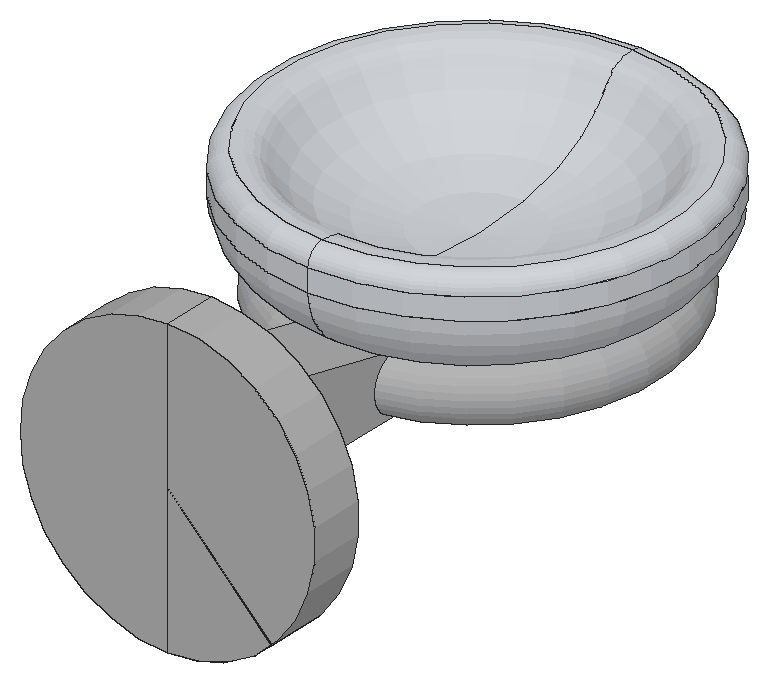
Revit family "PL6100001_Palermo Kit accesorios Jabonera", category Generic Models, host Wall, Revit 2019
Family settings
  Host = Wall
  Can host rebar = No
  Round Connector Dimension = Use Diameter
  Part Type = Normal
  OmniClass Number = 23.31.25.29.11
  OmniClass Title = Hand Soap Holders
  Always vertical = Yes
  Cut with Voids When Loaded = No
  Shared = No
  Room Calculation Point = No
Parameters (values of type "Type 1")
  Temperatura de uso = "De 4o C a 40o C (40o F y 104o F)"  # constant formula
  Resistencia del accesorio = "5 Kg."  # constant formula
  Profundidad = 109.9 mm
  Material = Corona_Cromo
  Manufacturer = "Corona"  # constant formula
  Fecha de creación = "10/08/2020"  # constant formula
  Creado por = "IDD"  # constant formula
  Alto = 55.5 mm
Reference planes
  plane 1 "Wall": y = 0
  plane 2 "Center (Left/Right)": x = 125
  plane 3 "Back": y = 75
  plane 4: z = 149.377
  plane 5: z = 93.877
  plane 6: y = 184.9
Forms (mm)
  Revolve 1, solid, material "Corona_Cromo" <- "Material", detail levels medium+fine
    sketch origin (75.453, 75, 120.877) x (0, 0, -1) y (0, -1, 0)
      loop
        line (0, 0) -> (0, -10.016) -> (15.089, -10.016) -> (27, -10.016) -> (27, 0) -> (0, 0)
      axis (0, -10.016) -> (0, 0)
    angle from 0 to 360
  Extrusion 2, solid, material "Corona_Cromo" <- "Material", detail levels medium+fine
    sketch origin (55.213, 75, 120.877) x (0, 0, 1) y (0, 1, 0)
      loop
        line (-18.902, 12.351) -> (-18.902, 9.949) -> (20.248, 9.949)
        arc (20.248, 9.949) -> (14.781, 13.536) -> (11.89, 19.399) r 12.433
        line (11.89, 19.399) -> (6.721, 42.24)
        arc (6.721, 42.24) -> (1.397, 47.564) -> (-3.927, 42.24) r 5.324
        line (-3.927, 42.24) -> (-3.927, 24.509)
        arc (-3.927, 24.509) -> (-4.924, 20.913) -> (-7.631, 18.345) r 6.981
        line (-7.631, 18.345) -> (-18.902, 12.351)
    from -27.972 to -12.508
  Revolve 3, solid, material "Corona_Cromo" <- "Material", detail levels medium+fine
    sketch origin (75.453, 75, 120.877) x (0, 0, -1) y (0, -1, 0)
      loop
        line (27, 0) -> (0, 0) -> (0, -12.619) -> (24.555, -12.619)
        arc (24.555, -12.619) -> (26.284, -11.903) -> (27, -10.174) r 2.445
        line (27, -10.174) -> (27, 0)
      axis (0, -12.619) -> (0, 0)
    angle from -45 to 45
  Revolve 4, solid, material "Corona_Cromo" <- "Material", detail levels medium+fine
    sketch origin (75.453, 69.375, 120.877) x (0, 0, 1) y (0, -1, 0)
      loop
        arc (7.057, -47.525) -> (1.678, -42.146) -> (-3.701, -47.525) r 5.379
        line (-3.701, -47.525) -> (-3.701, -51.467) -> (7.057, -51.467) -> (7.057, -47.525)
      axis (7.057, -76.522) -> (-3.701, -76.522)
    angle from 0 to 360
  Revolve 5, solid, detail levels medium+fine
    sketch origin (75.453, 69.375, 120.877) x (0, 0, 1) y (0, -1, 0)
      loop
        spline (10.589, -76.522) -> (10.942, -69.181) -> (11.904, -63.192) -> (13.331, -58.399) -> (15.076, -54.645) -> (16.996, -51.77) -> (18.945, -49.62) -> (20.778, -48.035) -> (22.351, -46.858) -> (23.58, -45.867) -> (24.459, -44.756) -> (24.987, -43.212) -> (25.163, -40.925)
        arc (25.163, -40.925) -> (24.234, -38.683) -> (21.991, -37.754) r 3.171
        line (21.991, -37.754) -> (18.007, -37.754)
        arc (18.007, -37.754) -> (10.918, -40.132) -> (6.26, -45.979) r 13.196
        line (6.26, -45.979) -> (6.26, -48.158)
        arc (6.26, -48.158) -> (5.675, -49.57) -> (4.264, -50.154) r 1.996
        line (4.264, -50.154) -> (-4.612, -50.154)
        arc (-4.612, -50.154) -> (-5.579, -50.555) -> (-5.979, -51.522) r 1.368
        line (-5.979, -51.522) -> (-5.979, -76.522) -> (10.589, -76.522)
      axis (25.163, -76.522) -> (-5.979, -76.522)
    angle from 0 to 360
  Extrusion 6, solid, material "Corona_Cromo" <- "Material", detail levels coarse
    sketch origin (0, 0, 0) x (1, 0, 0) y (0, 0, 1)
      loop
        line (114.221, 93.877) -> (114.221, 149.377) -> (36.565, 149.377) -> (36.565, 93.877) -> (114.221, 93.877)
    from -184.9 to -75
Text (mm)
  text "Placement Side" at (-1848.837, 1116.779, 0), in view "Ref. Level"
  text "Placement side" at (0, 1409.804, 2854.306), in view "Left"
  text "Placement side" at (0, 499.811, 2980.732), in view "Right"
Dimensions and locks
  locked: plane 3 "Back" to host wall
  "Alto": plane 5 to plane 4
  "Profundidad": plane 6 to plane 3 "Back"
  aligned and locked: plane 1 "Wall" to host wall
  aligned and locked: Extrusion 6 to plane 6
  aligned and locked: Extrusion 6 to host wall
Automatic sketch dimensions
  Revolve 1 sketch curve to host wall = 0 mm
  plane 5 to Revolve 1 sketch curve = 0 mm
  Revolve 1 sketch curve to plane 5 = 11.911 mm
  Revolve 1 sketch curve to Revolve 1 sketch curve = 15.089 mm
  host wall to Revolve 1 sketch curve = 10.016 mm
  Revolve 1 sketch curve to Revolve 1 sketch curve = 0 mm
  Revolve 1 sketch curve to Revolve 1 sketch curve = 3.933 mm
  Revolve 1 sketch curve to host wall = 3.465 mm
  Extrusion 2 sketch curve to plane 5 = 8.098 mm
  Extrusion 2 sketch curve to Extrusion 2 sketch curve = 7.994 mm
  Extrusion 2 sketch curve to Extrusion 2 sketch curve = 3.278 mm
  Extrusion 2 sketch curve to Extrusion 2 sketch curve = 6.981 mm
  Extrusion 2 sketch curve to Extrusion 2 sketch curve = 5.324 mm
  plane 4 to Extrusion 2 sketch curve = 16.61 mm
  plane 4 to Extrusion 2 sketch curve = 8.252 mm
  plane 4 to Extrusion 2 sketch curve = 4.406 mm
  host wall to Extrusion 2 sketch curve = 9.949 mm
  Extrusion 2 sketch curve to Extrusion 2 sketch curve = 2.402 mm
  Extrusion 2 sketch curve to Extrusion 2 sketch curve = 5.993 mm
  Extrusion 2 sketch curve to Extrusion 2 sketch curve = 9.45 mm
  Extrusion 2 sketch curve to Extrusion 2 sketch curve = 17.731 mm
  Revolve 3 sketch curve to host wall = 0 mm  (x2)
  plane 5 to Revolve 3 sketch curve = 0 mm
  Revolve 3 sketch curve to plane 5 = 2.445 mm
  Revolve 3 sketch curve to Revolve 3 sketch curve = 24.555 mm
  host wall to Revolve 3 sketch curve = 10.174 mm
  Revolve 3 sketch curve to Revolve 3 sketch curve = 0 mm  (x2)
  Revolve 4 sketch curve to plane 5 = 23.299 mm
  Revolve 4 sketch curve to Revolve 4 sketch curve = 5.379 mm
  host wall to Revolve 4 sketch curve = 45.842 mm
  Revolve 4 sketch curve to Revolve 4 sketch curve = 3.942 mm
  Revolve 4 sketch curve to plane 5 = 20.157 mm
  Revolve 4 sketch curve to Revolve 4 sketch curve = 16.252 mm
  Revolve 4 sketch curve to Revolve 4 sketch curve = 25.054 mm
  Revolve 5 sketch curve to plane 5 = 21.021 mm
  Revolve 5 sketch curve to Revolve 5 sketch curve = 1.368 mm
  Revolve 5 sketch curve to Revolve 5 sketch curve = 8.876 mm
  Revolve 5 sketch curve to Revolve 5 sketch curve = 1.996 mm
  Revolve 5 sketch curve to Revolve 5 sketch curve = 16.568 mm
  plane 4 to Revolve 5 sketch curve = 10.493 mm
  plane 4 to Revolve 5 sketch curve = 10.013 mm
  Revolve 5 sketch curve to Revolve 5 sketch curve = 3.985 mm
  Revolve 5 sketch curve to Revolve 5 sketch curve = 3.171 mm
  host wall to Revolve 5 sketch curve = 70.897 mm
  Revolve 5 sketch curve to Revolve 5 sketch curve = 25 mm
  Revolve 5 sketch curve to Revolve 5 sketch curve = 2.782 mm
  Revolve 5 sketch curve to Revolve 5 sketch curve = 2.179 mm
  Revolve 5 sketch curve to plane 5 = 0.554 mm
  Revolve 5 sketch curve to plane 4 = 12.76 mm
  Revolve 5 sketch curve to Revolve 5 sketch curve = 0 mm
  Extrusion 6 sketch curve to plane 5 = 0 mm
  Extrusion 6 sketch curve to plane 4 = 0 mm
  Extrusion 6 sketch curve to plane 2 "Center (Left/Right)" = 88.435 mm
  Extrusion 6 sketch curve to plane 2 "Center (Left/Right)" = 10.779 mm
